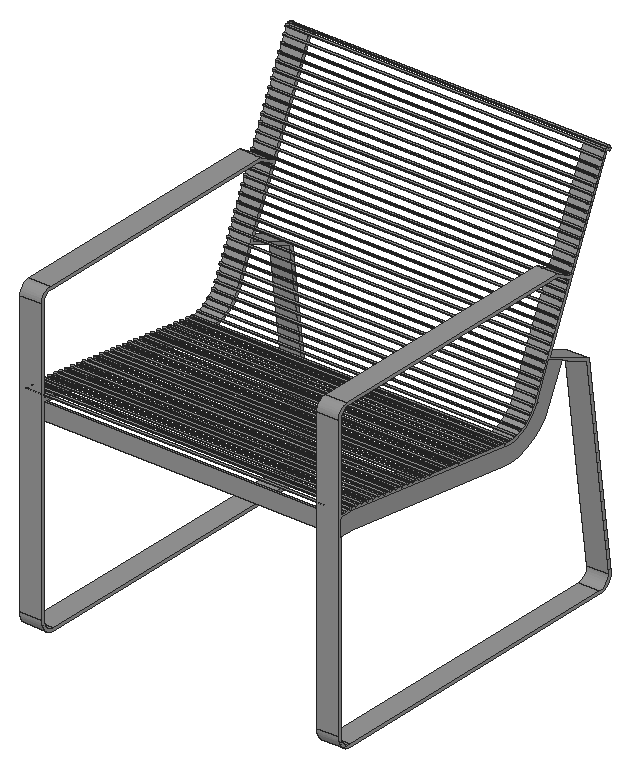
Revit family "Кресло стальное «Глория» Арт 16676", category Антураж, Revit 2018
Family settings
  На основе рабочей плоскости = Нет
  Всегда вертикально = Да
  При загрузке вырезать с полостями = Нет
  Источник визуального образа = Геометрия семейства
  Общий = Нет
  Точка расчета площади = Нет
Parameters (values of type "Кресло стальное «Глория»")
  Ширина = 705 mm  # constant formula
  Цвет опор = Сталь
  Цвет лавки = Сталь
  Описание = "Кресло стальное «Глория»"  # constant formula
  Материал изделия = "Сталь"  # constant formula
  Изображение типоразмера = Кресло стальное «Глория» Арт 16676.jpg
  Изготовитель = "ООО «Хоббика»"  # constant formula
  Длина = 660 mm  # constant formula
  Группа модели = "Кресла садовые"  # constant formula
  Высота = 831 mm  # constant formula
  Артикул товара = "Арт. 16676"  # constant formula
  URL = "https://hobbyka.ru/product/kreslo_stalnoe_gloriya/"
Reference planes
  plane 1 "По центру (Вперед/Назад)": y = 0
  plane 2: z = 0
  plane 3 "По центру (Влево/Вправо)": x = 0
  plane 4: x = 660
  plane 5: z = 831
  plane 6: y = 705
Forms (mm)
  Extrusion 1, solid, material "Сталь" <- "Цвет опор"
    sketch origin (0, 0, 0) x (0, 1, 0) y (0, 0, 1)
      loop
        line (600.85, 623.361) -> (568.767, 641.885) -> (22.767, 641.885)
        arc (22.767, 641.885) -> (6.668, 635.216) -> (0, 619.117) r 22.767
        line (0, 619.117) -> (0, 31.82)
        arc (0, 31.82) -> (9.32, 9.32) -> (31.82, 0) r 31.82
        line (31.82, 0) -> (677.82, 0)
        arc (677.82, 0) -> (697.039, 7.961) -> (705, 27.18) r 27.18
        line (705, 27.18) -> (647.939, 450.488) -> (547.578, 497.287) -> (695.943, 815.456) -> (702.5, 811.67) -> (705, 816) -> (693.717, 822.514) -> (600.85, 623.361)
      loop
        line (508.612, 425.555) -> (598.729, 618.812) -> (567.427, 636.885) -> (22.767, 636.885)
        arc (22.767, 636.885) -> (10.204, 631.681) -> (5, 619.117) r 17.767
        line (5, 619.117) -> (5, 441.037) -> (39.953, 441.037) -> (431.109, 386.063)
        arc (431.109, 386.063) -> (476.659, 392.467) -> (508.612, 425.555) r 70.646
      loop
        arc (5, 31.82) -> (12.855, 12.855) -> (31.82, 5) r 26.82
        line (31.82, 5) -> (677.82, 5)
        arc (677.82, 5) -> (693.386, 11.379) -> (699.998, 26.848) r 22.18
        line (699.998, 26.848) -> (643.366, 447.104) -> (545.465, 492.755) -> (513.144, 423.442)
        arc (513.144, 423.442) -> (478.989, 388.042) -> (430.286, 381.13) r 75.646
        line (430.286, 381.13) -> (39.603, 436.037) -> (5, 436.037) -> (5, 31.82)
    from 0 to 45
  Extrusion 2, solid, material "Сталь" <- "Цвет опор"
    sketch origin (0, 0, 0) x (0, 1, 0) y (0, 0, 1)
      loop
        line (545.465, 492.755) -> (513.144, 423.442)
        arc (513.144, 423.442) -> (478.989, 388.042) -> (430.286, 381.13) r 75.646
        line (430.286, 381.13) -> (39.603, 436.037) -> (5, 436.037) -> (5, 401.037) -> (37.156, 401.037) -> (424.621, 346.582)
        arc (424.621, 346.582) -> (495.337, 357.092) -> (544.864, 408.651) r 110.646
        line (544.864, 408.651) -> (577.186, 477.964) -> (545.465, 492.755)
    from 0 to 5
  Extrusion 3, solid, material "Сталь" <- "Цвет опор"
    sketch origin (660, 945.633, 1200) x (0, 1, 0) y (0, 0, 1)
      loop
        arc (-922.866, -558.115) -> (-938.965, -564.784) -> (-945.633, -580.883) r 22.767
        line (-945.633, -580.883) -> (-945.633, -1168.18)
        arc (-945.633, -1168.18) -> (-936.314, -1190.68) -> (-913.814, -1200) r 31.82
        line (-913.814, -1200) -> (-267.814, -1200)
        arc (-267.814, -1200) -> (-248.594, -1192.039) -> (-240.633, -1172.82) r 27.18
        line (-240.633, -1172.82) -> (-297.694, -749.512) -> (-398.056, -702.713) -> (-249.691, -384.544) -> (-243.133, -388.33) -> (-240.633, -384) -> (-251.916, -377.486) -> (-344.783, -576.639) -> (-376.866, -558.115) -> (-922.866, -558.115)
      loop
        line (-378.206, -563.115) -> (-922.866, -563.115)
        arc (-922.866, -563.115) -> (-935.43, -568.319) -> (-940.633, -580.883) r 17.767
        line (-940.633, -580.883) -> (-940.633, -758.963) -> (-905.681, -758.963) -> (-514.525, -813.937)
        arc (-514.525, -813.937) -> (-468.974, -807.533) -> (-437.021, -774.445) r 70.646
        line (-437.021, -774.445) -> (-346.904, -581.188) -> (-378.206, -563.115)
      loop
        line (-913.814, -1195) -> (-267.814, -1195)
        arc (-267.814, -1195) -> (-252.248, -1188.621) -> (-245.636, -1173.152) r 22.18
        line (-245.636, -1173.152) -> (-302.268, -752.896) -> (-400.169, -707.245) -> (-432.49, -776.558)
        arc (-432.49, -776.558) -> (-466.645, -811.958) -> (-515.348, -818.87) r 75.646
        line (-515.348, -818.87) -> (-906.03, -763.963) -> (-940.633, -763.963) -> (-940.633, -1168.18)
        arc (-940.633, -1168.18) -> (-932.778, -1187.145) -> (-913.814, -1195) r 26.82
    from 0 to -45
  Extrusion 4, solid, material "Сталь" <- "Цвет опор"
    sketch origin (660, 945.633, 1200) x (0, 1, 0) y (0, 0, 1)
      loop
        arc (-521.012, -853.418) -> (-450.296, -842.908) -> (-400.769, -791.349) r 110.646
        line (-400.769, -791.349) -> (-368.448, -722.036) -> (-400.169, -707.245) -> (-432.49, -776.558)
        arc (-432.49, -776.558) -> (-466.645, -811.958) -> (-515.348, -818.87) r 75.646
        line (-515.348, -818.87) -> (-906.03, -763.963) -> (-940.633, -763.963) -> (-940.633, -798.963) -> (-908.478, -798.963) -> (-521.012, -853.418)
    from 0 to -5
  Extrusion 5, solid, material "Сталь" <- "Цвет опор"
    sketch origin (0, 0, 0) x (0, 1, 0) y (0, 0, 1)
      loop
        line (5, 436.037) -> (5, 401.037) -> (10, 401.037) -> (10, 436.037) -> (5, 436.037)
    from 0 to 655
  Extrusion 6, solid, material "Сталь" <- "Цвет лавки"
    sketch origin (0, 0, 0) x (0, 1, 0) y (0, 0, 1)
      loop
        circle (689.255, 818.828) r 2
      loop
        circle (682.916, 805.233) r 2
      loop
        circle (676.577, 791.639) r 2
      loop
        circle (670.238, 778.044) r 2
      loop
        circle (663.898, 764.449) r 2
      loop
        circle (657.559, 750.855) r 2
      loop
        circle (651.22, 737.26) r 2
      loop
        circle (644.88, 723.666) r 2
      loop
        circle (638.541, 710.071) r 2
      loop
        circle (632.202, 696.476) r 2
      loop
        circle (625.863, 682.882) r 2
      loop
        circle (619.523, 669.287) r 2
      loop
        circle (613.184, 655.693) r 2
      loop
        circle (606.845, 642.098) r 2
      loop
        circle (600.506, 628.503) r 2
      loop
        circle (594.166, 614.909) r 2
      loop
        circle (587.827, 601.314) r 2
      loop
        circle (581.488, 587.719) r 2
      loop
        circle (575.148, 574.125) r 2
      loop
        circle (568.809, 560.53) r 2
      loop
        circle (562.47, 546.936) r 2
      loop
        circle (556.131, 533.341) r 2
      loop
        circle (549.791, 519.746) r 2
      loop
        circle (543.452, 506.152) r 2
      loop
        circle (537.113, 492.557) r 2
      loop
        circle (530.774, 478.963) r 2
      loop
        circle (524.434, 465.368) r 2
      loop
        circle (518.095, 451.773) r 2
      loop
        circle (511.756, 438.179) r 2
      loop
        circle (505.416, 424.584) r 2
      loop
        circle (497.697, 412.585) r 2.012
      loop
        circle (487.137, 401.973) r 2
      loop
        circle (474.529, 393.903) r 2
      loop
        circle (460.47, 388.759) r 2
      loop
        circle (445.631, 386.784) r 2.001
      loop
        circle (430.713, 388.063) r 2
      loop
        circle (415.859, 390.151) r 2
      loop
        circle (401.005, 392.238) r 2
      loop
        circle (386.151, 394.326) r 2
      loop
        circle (371.297, 396.414) r 2
      loop
        circle (356.443, 398.501) r 2
      loop
        circle (341.589, 400.589) r 2
      loop
        circle (326.735, 402.676) r 2
      loop
        circle (311.881, 404.764) r 2
      loop
        circle (297.027, 406.852) r 2
      loop
        circle (282.173, 408.939) r 2
      loop
        circle (267.318, 411.027) r 2
      loop
        circle (252.464, 413.114) r 2
      loop
        circle (237.61, 415.202) r 2
      loop
        circle (222.756, 417.29) r 2
      loop
        circle (207.902, 419.377) r 2
      loop
        circle (193.048, 421.465) r 2
      loop
        circle (178.194, 423.552) r 2
      loop
        circle (163.34, 425.64) r 2
      loop
        circle (148.486, 427.728) r 2
      loop
        circle (133.632, 429.815) r 2
      loop
        circle (118.778, 431.903) r 2
      loop
        circle (103.924, 433.99) r 2
      loop
        circle (89.07, 436.078) r 2
      loop
        circle (74.216, 438.166) r 2
      loop
        circle (59.362, 440.253) r 2
      loop
        circle (44.508, 442.341) r 2
      loop
        circle (30.464, 443.037) r 2
      loop
        circle (15.464, 443.037) r 2
      loop
        circle (699.823, 820.989) r 2
    from 0 to 660
Dimensions and locks
  "Длина": plane 3 "По центру (Влево/Вправо)" to plane 4
  "Высота": plane 5 to plane 2
  "Ширина": plane 6 to plane 1 "По центру (Вперед/Назад)"
  aligned and locked: level to plane 2
Automatic sketch dimensions
  Extrusion 1 sketch curve to Extrusion 1 sketch curve = 0 mm  (x10)
  plane 1 "По центру (Вперед/Назад)" to Extrusion 1 sketch curve = 0 mm
  Extrusion 1 sketch curve to Extrusion 1 sketch curve = 5 mm  (x2)
  Extrusion 1 sketch curve to plane 1 "По центру (Вперед/Назад)" = 5 mm
  Extrusion 1 sketch curve to plane 1 "По центру (Вперед/Назад)" = 22.767 mm
  Extrusion 1 sketch curve to Extrusion 1 sketch curve = 26.82 mm
  Extrusion 1 sketch curve to Extrusion 1 sketch curve = 34.603 mm
  Extrusion 1 sketch curve to Extrusion 1 sketch curve = 0.35 mm
  Extrusion 1 sketch curve to Extrusion 1 sketch curve = 0.823 mm
  Extrusion 1 sketch curve to Extrusion 1 sketch curve = 13.477 mm
  Extrusion 1 sketch curve to Extrusion 1 sketch curve = 64.027 mm
  Extrusion 1 sketch curve to Extrusion 1 sketch curve = 4.532 mm  (x2)
  Extrusion 1 sketch curve to Extrusion 1 sketch curve = 32.321 mm
  Extrusion 1 sketch curve to Extrusion 1 sketch curve = 2.113 mm
  Extrusion 1 sketch curve to Extrusion 1 sketch curve = 1.34 mm
  Extrusion 1 sketch curve to Extrusion 1 sketch curve = 31.302 mm
  Extrusion 1 sketch curve to Extrusion 1 sketch curve = 2.121 mm
  Extrusion 1 sketch curve to Extrusion 1 sketch curve = 4.574 mm
  Extrusion 1 sketch curve to Extrusion 1 sketch curve = 27.18 mm
  Extrusion 1 sketch curve to Extrusion 1 sketch curve = 2.226 mm
  level to Extrusion 1 sketch curve = 0 mm
  level to Extrusion 1 sketch curve = 381.13 mm
  Extrusion 1 sketch curve to Extrusion 1 sketch curve = 4.933 mm
  Extrusion 1 sketch curve to Extrusion 1 sketch curve = 37.379 mm
  Extrusion 1 sketch curve to Extrusion 1 sketch curve = 404.217 mm
  Extrusion 1 sketch curve to Extrusion 1 sketch curve = 23.661 mm
  Extrusion 1 sketch curve to Extrusion 1 sketch curve = 3.384 mm
  Extrusion 1 sketch curve to Extrusion 1 sketch curve = 121.526 mm
  Extrusion 1 sketch curve to Extrusion 1 sketch curve = 178.081 mm
  Extrusion 1 sketch curve to Extrusion 1 sketch curve = 4.549 mm
  Extrusion 1 sketch curve to Extrusion 1 sketch curve = 3.786 mm
  Extrusion 5 sketch curve to plane 1 "По центру (Вперед/Назад)" = 5 mm
  Extrusion 5 sketch curve to Extrusion 5 sketch curve = 5 mm
  level to Extrusion 5 sketch curve = 401.037 mm
  Extrusion 5 sketch curve to Extrusion 5 sketch curve = 35 mm
  Extrusion 6 sketch curve to plane 5 = 10.011 mm
  Extrusion 6 sketch curve to Extrusion 6 sketch curve = 10.567 mm
  Extrusion 6 sketch curve to Extrusion 6 sketch curve = 2.161 mm
  Extrusion 6 sketch curve to Extrusion 6 sketch curve = 6.339 mm  (x29)
  Extrusion 6 sketch curve to Extrusion 6 sketch curve = 13.595 mm  (x28)
  Extrusion 6 sketch curve to Extrusion 6 sketch curve = 7.719 mm
  Extrusion 6 sketch curve to Extrusion 6 sketch curve = 12 mm
  Extrusion 6 sketch curve to Extrusion 6 sketch curve = 10.56 mm
  Extrusion 6 sketch curve to Extrusion 6 sketch curve = 10.611 mm
  Extrusion 6 sketch curve to Extrusion 6 sketch curve = 12.609 mm
  Extrusion 6 sketch curve to Extrusion 6 sketch curve = 8.07 mm
  Extrusion 6 sketch curve to Extrusion 6 sketch curve = 14.058 mm
  Extrusion 6 sketch curve to Extrusion 6 sketch curve = 5.145 mm
  Extrusion 6 sketch curve to Extrusion 6 sketch curve = 14.839 mm
  Extrusion 6 sketch curve to Extrusion 6 sketch curve = 1.975 mm
  Extrusion 6 sketch curve to Extrusion 6 sketch curve = 14.918 mm
  Extrusion 6 sketch curve to Extrusion 6 sketch curve = 14.854 mm  (x26)
  Extrusion 6 sketch curve to Extrusion 6 sketch curve = 1.279 mm
  Extrusion 6 sketch curve to Extrusion 6 sketch curve = 1.392 mm
  Extrusion 6 sketch curve to Extrusion 6 sketch curve = 2.088 mm  (x21)
  Extrusion 6 sketch curve to Extrusion 6 sketch curve = 0.423 mm
  Extrusion 6 sketch curve to Extrusion 6 sketch curve = 0.703 mm
  Extrusion 6 sketch curve to Extrusion 6 sketch curve = 0.53 mm
  Extrusion 6 sketch curve to Extrusion 6 sketch curve = 1.056 mm
  Extrusion 6 sketch curve to plane 5 = 392.821 mm
  Extrusion 6 sketch curve to Extrusion 6 sketch curve = 14.044 mm
  Extrusion 6 sketch curve to Extrusion 6 sketch curve = 15 mm
  Extrusion 6 sketch curve to Extrusion 6 sketch curve = 0.696 mm
  Extrusion 6 sketch curve to Extrusion 6 sketch curve = 0 mm
  Extrusion 1 sketch curve to plane 6 = 274.714 mm
  Extrusion 1 sketch curve to plane 6 = 137.573 mm
  Extrusion 1 sketch curve to plane 6 = 61.634 mm
  Extrusion 1 sketch curve to plane 6 = 27.18 mm
  Extrusion 1 sketch curve to plane 5 = 8.486 mm
  Extrusion 1 sketch curve to plane 6 = 11.283 mm
  Extrusion 1 sketch curve to Extrusion 1 sketch curve = 5.002 mm
  Extrusion 1 sketch curve to Extrusion 1 sketch curve = 6.557 mm
  Extrusion 2 sketch curve to plane 1 "По центру (Вперед/Назад)" = 5 mm
  Extrusion 2 sketch curve to Extrusion 2 sketch curve = 14.3 mm
  Extrusion 2 sketch curve to Extrusion 2 sketch curve = 32.321 mm
  Extrusion 2 sketch curve to plane 6 = 127.814 mm
  level to Extrusion 2 sketch curve = 381.13 mm
  Extrusion 2 sketch curve to Extrusion 2 sketch curve = 42.313 mm
  Extrusion 2 sketch curve to plane 5 = 394.963 mm
  Extrusion 2 sketch curve to Extrusion 2 sketch curve = 2.447 mm
  Extrusion 2 sketch curve to Extrusion 2 sketch curve = 34.548 mm
  Extrusion 2 sketch curve to Extrusion 2 sketch curve = 14.792 mm
  Extrusion 2 sketch curve to Extrusion 2 sketch curve = 0 mm  (x2)
  Extrusion 2 sketch curve to Extrusion 2 sketch curve = 5.664 mm
  Extrusion 2 sketch curve to Extrusion 2 sketch curve = 31.721 mm
  Extrusion 2 sketch curve to Extrusion 2 sketch curve = 35 mm
  Extrusion 2 sketch curve to Extrusion 2 sketch curve = 34.603 mm
  Extrusion 2 sketch curve to Extrusion 2 sketch curve = 152.564 mm
  Extrusion 6 sketch curve to plane 1 "По центру (Вперед/Назад)" = 15.464 mm
  Extrusion 3 sketch curve to Extrusion 3 sketch curve = 0 mm  (x9)
  Extrusion 3 sketch curve to plane 1 "По центру (Вперед/Назад)" = 0 mm
  Extrusion 3 sketch curve to level = 0 mm
  Extrusion 3 sketch curve to plane 6 = 0 mm  (x2)
  Extrusion 3 sketch curve to plane 1 "По центру (Вперед/Назад)" = 5 mm
  Extrusion 3 sketch curve to plane 1 "По центру (Вперед/Назад)" = 22.767 mm
  Extrusion 3 sketch curve to Extrusion 3 sketch curve = 26.82 mm
  Extrusion 3 sketch curve to Extrusion 3 sketch curve = 34.603 mm
  Extrusion 3 sketch curve to Extrusion 3 sketch curve = 0.35 mm
  Extrusion 3 sketch curve to plane 6 = 274.714 mm
  Extrusion 3 sketch curve to Extrusion 3 sketch curve = 0.823 mm
  Extrusion 3 sketch curve to Extrusion 3 sketch curve = 13.477 mm
  Extrusion 3 sketch curve to Extrusion 3 sketch curve = 64.027 mm
  Extrusion 3 sketch curve to Extrusion 3 sketch curve = 4.532 mm  (x2)
  Extrusion 3 sketch curve to Extrusion 3 sketch curve = 32.321 mm
  Extrusion 3 sketch curve to Extrusion 3 sketch curve = 2.113 mm
  Extrusion 3 sketch curve to plane 6 = 137.573 mm
  Extrusion 3 sketch curve to Extrusion 3 sketch curve = 1.34 mm
  Extrusion 3 sketch curve to Extrusion 3 sketch curve = 31.302 mm
  Extrusion 3 sketch curve to Extrusion 3 sketch curve = 2.121 mm
  Extrusion 3 sketch curve to plane 6 = 61.634 mm
  Extrusion 3 sketch curve to Extrusion 3 sketch curve = 4.574 mm
  level to Extrusion 3 sketch curve = 27.18 mm
  Extrusion 3 sketch curve to plane 6 = 11.283 mm
  Extrusion 3 sketch curve to Extrusion 3 sketch curve = 2.226 mm
  Extrusion 3 sketch curve to plane 6 = 5.002 mm
  Extrusion 3 sketch curve to plane 6 = 2.5 mm
  level to Extrusion 3 sketch curve = 381.13 mm
  Extrusion 3 sketch curve to Extrusion 3 sketch curve = 4.933 mm
  Extrusion 3 sketch curve to Extrusion 3 sketch curve = 37.379 mm
  Extrusion 3 sketch curve to plane 5 = 394.963 mm
  Extrusion 3 sketch curve to Extrusion 3 sketch curve = 5 mm
  Extrusion 3 sketch curve to Extrusion 3 sketch curve = 23.661 mm
  Extrusion 3 sketch curve to Extrusion 3 sketch curve = 3.384 mm
  Extrusion 3 sketch curve to Extrusion 3 sketch curve = 121.526 mm
  Extrusion 3 sketch curve to Extrusion 3 sketch curve = 178.081 mm
  Extrusion 3 sketch curve to Extrusion 3 sketch curve = 4.549 mm
  Extrusion 3 sketch curve to Extrusion 3 sketch curve = 3.786 mm
  Extrusion 4 sketch curve to Extrusion 4 sketch curve = 0 mm  (x2)
  Extrusion 4 sketch curve to plane 1 "По центру (Вперед/Назад)" = 5 mm
  Extrusion 4 sketch curve to Extrusion 4 sketch curve = 32.156 mm
  Extrusion 4 sketch curve to Extrusion 4 sketch curve = 34.603 mm
  Extrusion 4 sketch curve to plane 6 = 280.379 mm
  Extrusion 4 sketch curve to Extrusion 4 sketch curve = 5.664 mm
  Extrusion 4 sketch curve to Extrusion 4 sketch curve = 14.3 mm
  Extrusion 4 sketch curve to Extrusion 4 sketch curve = 68.558 mm
  Extrusion 4 sketch curve to Extrusion 4 sketch curve = 31.721 mm  (x2)
  Extrusion 4 sketch curve to Extrusion 4 sketch curve = 32.321 mm
  level to Extrusion 4 sketch curve = 346.582 mm
  Extrusion 4 sketch curve to Extrusion 4 sketch curve = 34.548 mm
  Extrusion 4 sketch curve to Extrusion 4 sketch curve = 54.455 mm
  Extrusion 4 sketch curve to Extrusion 4 sketch curve = 27.521 mm
  Extrusion 4 sketch curve to Extrusion 4 sketch curve = 35 mm
  radius of Extrusion 6 sketch curve = 2 mm  (x63)
  radius of Extrusion 6 sketch curve = 2.012 mm
  radius of Extrusion 6 sketch curve = 2.001 mm
